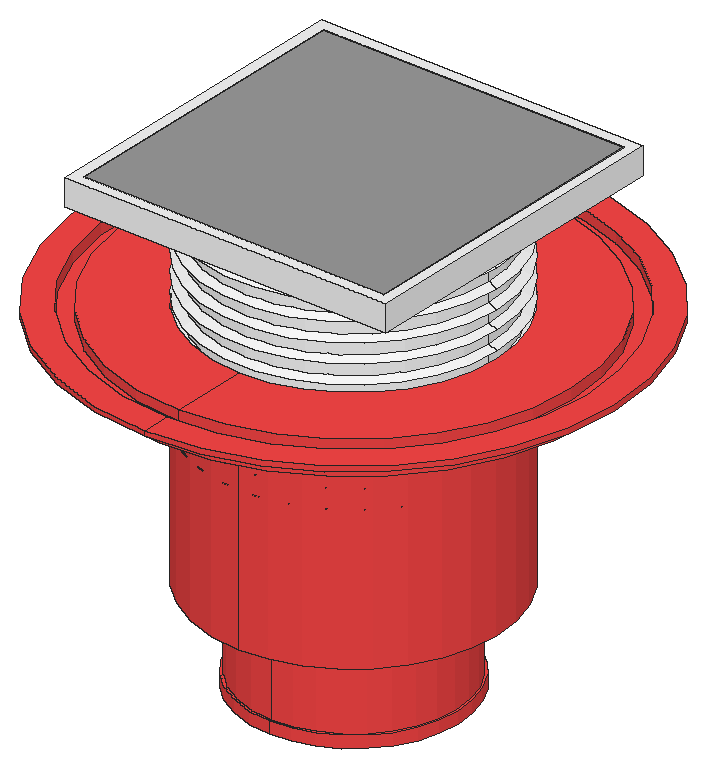
Revit family "HL Трап для внутренних помещенийHL310N-SML_50", category Сантехнические приборы, Revit 2025
Family settings
  Размер круглого соединителя = Использовать диаметр
  Тип детали = Нормальный
  Номер OmniClass = 23.70.50.21.24.14
  Заголовок OmniClass = Deck Waste Water Drains
  На основе рабочей плоскости = Нет
  Отображать на видах в сечении = Нет
  Всегда вертикально = Да
  При загрузке вырезать с полостями = Нет
  Сохранять ориентацию аннотаций = Нет
  Общий = Да
  Точка принадлежности помещению = Да
Parameters (values of type "HL310KSML_50")
  РЕШЁТКА = "115 x 115 mm / V2A"
  РАЗМЕР = "DN50/75/110"
  ПРОПУСКНАЯ СПОСОБНОСТЬ = 0.67 L/s
  ПРОИЗВОДИТЕЛЬНОСТЬ = "0,67 l/s"
  ПРАВОВАЯ ИНФОРМАЦИЯ = "Авторские права(©), права на дизайн или какие либо другие права интелектуальной собственности являются исключительной собственностью компании HL Hutterer & Lechner. Изменению не подлежит. Файл семейства с данными о прозводителе изделия защищен паролем с водяным знаком."  # constant formula
  Нормы = "EN 1253-1"
  НОМИНАЛЬНЫЙ ДИАМЕТР [instance] = 50 mm
  НАСАДКА = "12-70 mm / 123 x 123 mm / PP"
  МАТЕРИАЛ = "PP, V2A"
  МАКСИМАЛЬНАЯ НАГРУЗКА КЛАССА = "K3 - 300 kg"
  ВЫСОТА МОНТАЖА = "163 mm"
  ВЕС = "0,72 [kg]"
  EAN = "9003076004638"
  Отметка по умолчанию = 0 mm
  Подключение к вентиляции = no
  Изготовитель = "HL Hutterer & Lechner GmbH"  # constant formula
  URL = "http://www.hutterer-lechner.com/ru/Products/catalog/floor-drains/attachments/HL310N.aspx"
  Подключение к сливной трубе = yes
  Подключение к горячей воде = no
  Описание = "Трап для внутренних помещений"
  Model = "HL310KSML_50"
  Комментарии к типоразмеру = "Корпус трапа для внутренних помещений DN50/75/110 вертикальный"
  Keynote = "HL310KSML_50"
  Высота монтажа [instance] = 136 mm
  DN_Test [instance] = if(or(НОМИНАЛЬНЫЙ ДИАМЕТР = 50 mm, НОМИНАЛЬНЫЙ ДИАМЕТР = 75 mm, НОМИНАЛЬНЫЙ ДИАМЕТР = 110 mm), 30 mm, 0 mm)  # 30 mm
  Подключение к холодной воде = no
  B [instance] = if(НОМИНАЛЬНЫЙ ДИАМЕТР = 110 mm, Высота монтажа - 41 mm, if(НОМИНАЛЬНЫЙ ДИАМЕТР = 75 mm, Высота монтажа - 5.5 mm, Высота монтажа))  # 136 mm
  A [instance] = if(B - 100 mm > 15 mm, B - 100 mm, 15 mm)  # 36 mm
Reference planes
  plane 1 "Center (Front/Back)": y = 0
  plane 2: z = 0
  plane 3 "Center (Left/Right)": x = 0
  plane 4 "Ball Joint Vertical": x = 25.45
  plane 5: z = -136
  plane 6: z = -136
Lines and regions (mm)
  model lines, style "InvisibleLines"
    curve 1: line (0, 0, 0) -> (0, 0, 975)
  reference lines
    curve 2: line (0, 0, -131.004) -> (0, 0, -136.004)
  model lines, detail levels coarse+medium
    curve 3: line (0, 0, -136) -> (0, 0, -100)
    curve 4: line (0, 0, -100) -> (100, 0, 0)
    curve 5: line (0, 0, -100) -> (-100, 0, 0)
    curve 23: line (-707.107, 0, 607.107) -> (-607.107, 0, 707.107)
  symbolic lines, style "InvisibleLines", not visible
    curve 6: line (0, 0, 0) -> (0, 0, -30)
  symbolic lines, detail levels coarse+medium
    curve 7: line (-75, 75, 0) -> (75, 75, 0)
    curve 8: line (-75, -75, 0) -> (-75, 75, 0)
    curve 9: line (75, -75, 0) -> (-75, -75, 0)
    curve 10: line (75, 75, 0) -> (75, -75, 0)
    curve 11: line (75, 75, 0) -> (145.711, 145.711, 0)
    curve 12: line (-75, 75, 0) -> (-145.711, 145.711, 0)
    curve 13: line (75, -75, 0) -> (145.711, -145.711, 0)
    curve 14: line (-75, -75, 0) -> (-145.711, -145.711, 0)
  symbolic lines, not visible, detail levels coarse+medium
    curve 15: line (97.767, 268.748, 0) -> (247.767, 268.748, 0)
    curve 16: line (97.767, 118.748, 0) -> (97.767, 268.748, 0)
    curve 17: line (247.767, 118.748, 0) -> (97.767, 118.748, 0)
    curve 18: line (247.767, 268.748, 0) -> (247.767, 118.748, 0)
    curve 19: line (247.767, 268.748, 0) -> (318.478, 339.459, 0)
    curve 20: line (97.767, 268.748, 0) -> (27.057, 339.459, 0)
    curve 21: line (247.767, 118.748, 0) -> (318.478, 48.037, 0)
    curve 22: line (97.767, 118.748, 0) -> (27.057, 48.037, 0)
Text (mm)
  text "FLOOR" at (-218.559, 0, -14.206), in view "вид строительства"
Dimensions and locks
  locked: plane 4 "Ball Joint Vertical" to plane 3 "Center (Left/Right)" at 25.45
  "Высота монтажа": plane 2 to plane 5
  "A": curve 5 to plane 6
  "B": curve 5 to plane 6
  "B": curve 4 to plane 6
  "B": plane 2 to plane 6
  "DN_Test": plane 2 to curve 6
  plane 2 to nested 1 = 92.969 mm
  locked: curve 4 to plane 3 "Center (Left/Right)" (angle 45.00°)
  locked: plane 3 "Center (Left/Right)" to curve 5 (angle 45.00°)
  aligned and locked: level to plane 2
  aligned and locked: plane 2 to curve 1
  aligned and locked: plane 3 "Center (Left/Right)" to curve 1
  aligned and locked: plane 3 "Center (Left/Right)" to curve 2
  aligned and locked: plane 3 "Center (Left/Right)" to curve 3
  aligned and locked: plane 3 "Center (Left/Right)" to curve 5
  aligned and locked: plane 6 to curve 3
Automatic sketch dimensions
  curve 2 to plane 6 = 0.004 mm
  plane 6 to curve 2 = 4.996 mm
  curve 23 to plane 3 "Center (Left/Right)" = 707.107 mm
  level to curve 23 = 707.107 mm
  curve 23 to curve 4 = 707.107 mm
  curve 3 to curve 23 = 707.107 mm
  level to curve 1 = 975 mm
Nested families
  nested 1: "HL-Корпус для трапа внутренних помещений-HL310KSML-50" at (0, 0, 0), type "HL310KSML-50"
  nested 2: "HL_RU_Насадка_HL37N.1" at (0, 0, 48.262), type "HL37N.1"
    with Высота монтажа 70 mm
  nested 3: "HL_Вкладыш сифона_HL0510.7E" at (0, 0, 42.262), type "HL0510.7E"
  nested 4: "HL_Решётка_HL037Pr.1E" at (0, 0, 48.262), type "HL037Pr.1E"
  nested 5: "HL_Насадка_HL037N.2E" at (0, 0, 48.262), type "HL037N.2E"
    with Высота монтажа 70 mm, RN 11, RL 71.5 mm, R yes, NL_Test yes, NL 90 mm
Connectors
  piping at (0, 0, -136.004), diameter 50, driven by "ПРОПУСКНАЯ СПОСОБНОСТЬ", driven by "НОМИНАЛЬНЫЙ ДИАМЕТР"
    settings: on curve 2, index 1, connector inside diameter 609.6 mm, connector length 0 mm, flow factor 0, pipe flow 0.67 L/s, pressure drop 0.0 Pa, fitting loss kfactor 0, connector angle 0.00°, fixture units 0, engagement length 0 mm, angle of deflection 0.00°, flow configuration 1, flow direction 2, fitting loss method 0, system type 16, joint type 0, gender type 0, connector reference index -1, connector utility 0, adjustable connector no, is connector primary yes, connector description ""
Definition of nested family "HL-Корпус для трапа внутренних помещений-HL310KSML-50"
  Parameters (values of type "HL310KSML-50")
    РАЗМЕР = "d50"
    ПРОИЗВОДИТЕЛЬНОСТЬ = ">0,5 l/s"
    ПРАВОВАЯ ИНФОРМАЦИЯ = "Авторские права(©), права на дизайн или какие либо другие права интелектуальной собственности являются исключительной собственностью компании HL Hutterer & Lechner. Изменению не подлежит. Файл семейства с данными о прозводителе изделия защищен паролем с водяным знаком."  # constant formula
    Нормы = "EN 1253"
    МАТЕРИАЛ = "PP"
    ВЫСОТА МОНТАЖА = "132 mm"
    ВЕС = "0,33 [kg]"
    Waste Connection = yes
    Default Elevation = 0 mm
    Vent Connection = no
    Manufacturer = "HL Hutterer & Lechner GmbH"  # constant formula
    URL = "https://www.hutterer-lechner.com/ru/Products/catalog/Floor-drains/vertical/flange/HL310KSML/50.aspx"
    Assembly Code = ""
    HW Connection = no
    Description = "Трап для внутренних помещений"
    Model = "HL310KSML-50"
    Type Comments = "Корпус трапа для внутренних помещений DN50/75/110 вертикальный"
    Keynote = "HL310KSML-50"
    EAN = "9003076052219"
    CW Connection = no
  Reference planes
    plane 1 "Center (Front/Back)": y = 0
    plane 2: z = 0
    plane 3 "Center (Left/Right)": x = 0
    plane 4 "Ball Joint Vertical": x = 25.45
  Forms (mm)
    Revolve 1, solid, detail levels fine
      sketch origin (0, 0, 0) x (0, 1, 0) y (0, 0, 1)
        loop
          line (54.997, 0) -> (54.997, -20) -> (52.897, -20) -> (52.897, -92.969) -> (20.821, -92.969) -> (20.821, -135.983) -> (22.621, -135.983) -> (22.621, -94.969) -> (27.121, -94.969) -> (27.121, -126.376) -> (35.181, -130.483) -> (40.181, -130.483) -> (40.181, -125.983) -> (39.197, -125.983) -> (39.197, -94.969) -> (54.997, -94.969) -> (54.997, -23.507) -> (58.197, -23.507) -> (58.197, -7.5) -> (77.9, -7.5) -> (92.9, -7.5) -> (92.9, -2) -> (100, -2) -> (100, 0) -> (89.685, 0) -> (89.685, -4) -> (83.685, -4) -> (83.685, 0) -> (54.997, 0)
        axis (0, 0) -> (0, -135.983)
      angle from 0 to 360
  Text (mm)
    text "ROOF/FLOOR" at (-198.233, 0, -26.556), in view "вид строительства"
  Dimensions and locks
    locked: plane 4 "Ball Joint Vertical" to plane 3 "Center (Left/Right)" at 25.45
    aligned and locked: level to plane 2
    aligned and locked: Revolve 1 sketch curve to plane 1 "Center (Front/Back)"
Definition of nested family "HL_Вкладыш сифона_HL0510.7E"
  Parameters
    ПРАВОВАЯ ИНФОРМАЦИЯ = "Авторские права(©), права на дизайн или какие либо другие права интелектуальной собственности являются исключительной собственностью компании HL Hutterer & Lechner. Изменению не подлежит. Файл семейства с данными о прозводителе изделия защищен паролем с водяным знаком."  # constant formula
    МАТЕРИАЛ = "PP"
    ВЕС = "0,08 [kg]"
    Waste Connection = yes
    Default Elevation = 0 mm
    Vent Connection = no
    Manufacturer = "HL Hutterer & Lechner GmbH"  # constant formula
    URL = "http://www.hutterer-lechner.com/ru/products/catalog/floor-drains/attachments/HL0510.7e.aspx"
    HW Connection = no
    Description = "Трапы для внутренних помещений - Комплектующие"
    Model = "HL0510.7E"
    Type Comments = "HL0510.7E Вкладыш запахозапирающий комплектный"
    Keynote = "HL0510.7E"
    EAN = "9003076051076"
    CW Connection = no
  Reference planes
    plane 1 "Center (Front/Back)": y = 0
    plane 2: z = 0
    plane 3 "Center (Left/Right)": x = 0
    plane 4 "Ball Joint Vertical": x = 25.45
  Forms (mm)
    Revolve 1, solid, detail levels fine
      sketch origin (0, 0, 0) x (0, 1, 0) y (0, 0, 1)
        loop
          line (20, -68.2) -> (20, -11) -> (18.2, -11) -> (18.2, -70) -> (45, -70) -> (45, -36) -> (48.834, -36) -> (48.834, -14) -> (49.7, -14) -> (49.7, -2) -> (53, -2) -> (53, 0) -> (45, 0) -> (45, -29.222) -> (43.93, -33.62) -> (43.13, -33.62) -> (43.13, -68.2) -> (20, -68.2)
        loop
          line (36.103, -61) -> (36.103, 0) -> (0, 0) -> (0, -1.8) -> (34.307, -1.8) -> (34.307, -61) -> (36.103, -61)
        axis (0, 0) -> (0, -70)
      angle from 0 to 360
    Extrusion 2, solid, detail levels fine
      sketch origin (0, 0, 0) x (1, 0, 0) y (0, 1, 0)
        loop
          line (-24.1, 5.7) -> (-24.1, -5.7) -> (-4, -5.7) -> (-4, -23) -> (4, -23) -> (4, -5.7) -> (24.1, -5.7) -> (24.1, 5.7) -> (4, 5.7) -> (4, 23) -> (-4, 23) -> (-4, 5.7) -> (-24.1, 5.7)
      from -82.5 to -81
    Extrusion 3, solid, detail levels fine
      sketch origin (0, 0, 0) x (1, 0, 0) y (0, 1, 0)
        loop
          line (-24.1, 5.7) -> (-24.1, -5.7) -> (-18.9, -5.7) -> (-18.9, 5.7) -> (-24.1, 5.7)
        loop
          line (18.9, 5.7) -> (18.9, -5.7) -> (24.1, -5.7) -> (24.1, 5.7) -> (18.9, 5.7)
      from -81 to -70
    Revolve 4, solid, detail levels fine
      sketch origin (0, 0, 0) x (0, 1, 0) y (0, 0, 1)
        loop
          arc (49.7, -10.914) -> (51.118, -9) -> (49.7, -7.086) r 2
          line (49.7, -7.086) -> (49.7, -10.914)
        axis (0, -7.086) -> (0, -10.914)
      angle from 0 to 360
  Cuts and joins
    joined: Revolve 1, Extrusion 2, Extrusion 3
  Text (mm)
    text "ROOF/FLOOR" at (-198.233, 0, -26.556), in view "Drain Construction View"
  Dimensions and locks
    locked: plane 4 "Ball Joint Vertical" to plane 3 "Center (Left/Right)" at 25.45
    aligned and locked: level to plane 2
Definition of nested family "HL_Решётка_HL037Pr.1E"
  Parameters (values of type "HL037Pr.1E")
    РАЗМЕР = "115x115mm"
    ПРАВОВАЯ ИНФОРМАЦИЯ = "Авторские права(©), права на дизайн или какие либо другие права интелектуальной собственности являются исключительной собственностью компании HL Hutterer & Lechner. Изменению не подлежит. Файл семейства с данными о прозводителе изделия защищен паролем с водяным знаком."  # constant formula
    МАТЕРИАЛ = "V2A"
    МАКСИМАЛЬНАЯ НАГРУЗКА КЛАССА = "K3 - 300 kg"
    ВЕС = "0,15 [kg]"
    Waste Connection = yes
    Default Elevation = 0 mm
    Vent Connection = no
    Manufacturer = "HL Hutterer & Lechner GmbH"  # constant formula
    URL = "http://www.hutterer-lechner.com/ru/products/catalog/floor-drains/attachments/HL037pr.1e.aspx"
    HW Connection = no
    Description = "Трапы для внутренних помещений - Комплектующие"
    Model = "HL037Pr.1E"
    Type Comments = "HL037Pr.1E Решётка из нержавеющей стали 115х115 мм"
    Keynote = "HL037Pr.1E"
    EAN = "9003076028474"
    CW Connection = no
  Reference planes
    plane 1 "Center (Front/Back)": y = 0
    plane 2: z = 0
    plane 3 "Center (Left/Right)": x = 0
    plane 4 "Ball Joint Vertical": x = 25.45
  Forms (mm)
    Extrusion 1, solid, detail levels fine
      sketch origin (0, 0, 0) x (1, 0, 0) y (0, 1, 0)
        loop
          line (57.5, 57.5) -> (-57.5, 57.5) -> (-57.5, -57.5) -> (57.5, -57.5) -> (57.5, 57.5)
      from 0 to -5
  Lines and regions (mm)
    model lines, detail levels fine
      curve 1: spline (-13.927, 0, 0) -> (-13.452, 1.165, 0) -> (-12.061, 2.25, 0) -> (-9.848, 3.182, 0) -> (-6.964, 3.897, 0) -> (-3.605, 4.347, 0) -> (0, 4.5, 0) -> (3.605, 4.347, 0) -> (6.964, 3.897, 0) -> (9.848, 3.182, 0) -> (12.061, 2.25, 0) -> (13.452, 1.165, 0) -> (13.927, 0, 0) -> (13.452, -1.165, 0) -> (12.061, -2.25, 0) -> (9.848, -3.182, 0) -> (6.964, -3.897, 0) -> (3.605, -4.347, 0) -> (0, -4.5, 0) -> (-3.605, -4.347, 0) -> (-6.964, -3.897, 0) -> (-9.848, -3.182, 0) -> (-12.061, -2.25, 0) -> (-13.452, -1.165, 0) -> (-13.927, 0, 0)
      curve 2: line (-5.9, 0.4, 0) -> (-11.9, 0.4, 0)
      curve 3: line (-3.65, -2, 0) -> (-3.65, 2, 0)
      curve 4: arc (-3.65, 2, 0) -> (-3.15, 2.5, 0) -> (-2.65, 2, 0) r 0.5
      curve 5: line (-2.65, 2, 0) -> (-2.65, 0.5, 0)
      curve 6: line (-2.65, 0.5, 0) -> (-0.65, 0.5, 0)
      curve 7: line (-0.65, 0.5, 0) -> (-0.65, 2, 0)
      curve 8: arc (-0.65, 2, 0) -> (-0.15, 2.5, 0) -> (0.35, 2, 0) r 0.5
      curve 9: line (0.35, 2, 0) -> (0.35, -2, 0)
      curve 10: arc (0.35, -2, 0) -> (-0.15, -2.5, 0) -> (-0.65, -2, 0) r 0.5
      curve 11: line (-0.65, -2, 0) -> (-0.65, -0.5, 0)
      curve 12: line (-0.65, -0.5, 0) -> (-2.65, -0.5, 0)
      curve 13: line (-2.65, -0.5, 0) -> (-2.65, -2, 0)
      curve 14: arc (-2.65, -2, 0) -> (-3.15, -2.5, 0) -> (-3.65, -2, 0) r 0.5
      curve 15: line (1.85, -2, 0) -> (1.85, 2, 0)
      curve 16: arc (1.85, 2, 0) -> (1.996, 2.354, 0) -> (2.35, 2.5, 0) r 0.5
      curve 17: arc (2.35, 2.5, 0) -> (2.704, 2.354, 0) -> (2.85, 2, 0) r 0.5
      curve 18: line (2.85, 2, 0) -> (2.85, -1, 0)
      curve 19: arc (2.85, -1, 0) -> (2.996, -1.354, 0) -> (3.35, -1.5, 0) r 0.5
      curve 20: line (3.35, -1.5, 0) -> (4.35, -1.5, 0)
      curve 21: arc (4.35, -1.5, 0) -> (4.85, -2, 0) -> (4.35, -2.5, 0) r 0.5
      curve 22: line (4.35, -2.5, 0) -> (2.35, -2.5, 0)
      curve 23: arc (2.35, -2.5, 0) -> (1.996, -2.354, 0) -> (1.85, -2, 0) r 0.5
      curve 24: line (12.1, 0.4, 0) -> (6.1, 0.4, 0)
      curve 25: line (-5.9, -0.4, 0) -> (-11.9, -0.4, 0)
      curve 26: line (12.1, -0.4, 0) -> (6.1, -0.4, 0)
      curve 27: line (-5.9, 0.4, 0) -> (-5.9, -0.4, 0)
      curve 28: line (-11.9, 0.4, 0) -> (-11.9, -0.4, 0)
      curve 29: line (6.1, 0.4, 0) -> (6.1, -0.4, 0)
      curve 30: line (12.1, 0.4, 0) -> (12.1, -0.4, 0)
      curve 31: arc (38.029, -24.059, 0) -> (45, 0, 0) -> (38.029, 24.059, 0) r 45
      curve 32: arc (38.029, 24.059, 0) -> (35.09, 25.896, 0) -> (31.82, 24.749, 0) r 4
      curve 33: arc (31.82, 24.749, 0) -> (30.673, 22.362, 0) -> (31.268, 19.782, 0) r 4
      curve 34: arc (31.268, 19.782, 0) -> (37, 0, 0) -> (31.268, -19.782, 0) r 37
      curve 35: arc (31.268, -19.782, 0) -> (30.673, -22.362, 0) -> (31.82, -24.749, 0) r 4
      curve 36: arc (31.82, -24.749, 0) -> (35.09, -25.896, 0) -> (38.029, -24.059, 0) r 4
      curve 37: arc (24.059, 38.029, 0) -> (0, 45, 0) -> (-24.059, 38.029, 0) r 45
      curve 38: arc (-24.059, 38.029, 0) -> (-25.896, 35.09, 0) -> (-24.749, 31.82, 0) r 4
      curve 39: arc (-24.749, 31.82, 0) -> (-22.362, 30.673, 0) -> (-19.782, 31.268, 0) r 4
      curve 40: arc (-19.782, 31.268, 0) -> (0, 37, 0) -> (19.782, 31.268, 0) r 37
      curve 41: arc (19.782, 31.268, 0) -> (22.362, 30.673, 0) -> (24.749, 31.82, 0) r 4
      curve 42: arc (24.749, 31.82, 0) -> (25.896, 35.09, 0) -> (24.059, 38.029, 0) r 4
      curve 43: arc (24.059, -38.029, 0) -> (0, -45, 0) -> (-24.059, -38.029, 0) r 45
      curve 44: arc (-24.059, -38.029, 0) -> (-25.896, -35.09, 0) -> (-24.749, -31.82, 0) r 4
      curve 45: arc (-24.749, -31.82, 0) -> (-22.362, -30.673, 0) -> (-19.782, -31.268, 0) r 4
      curve 46: arc (-19.782, -31.268, 0) -> (0, -37, 0) -> (19.782, -31.268, 0) r 37
      curve 47: arc (19.782, -31.268, 0) -> (22.362, -30.673, 0) -> (24.749, -31.82, 0) r 4
      curve 48: arc (24.749, -31.82, 0) -> (25.896, -35.09, 0) -> (24.059, -38.029, 0) r 4
      curve 49: arc (-38.029, -24.059, 0) -> (-45, 0, 0) -> (-38.029, 24.059, 0) r 45
      curve 50: arc (-38.029, 24.059, 0) -> (-35.09, 25.896, 0) -> (-31.82, 24.749, 0) r 4
      curve 51: arc (-31.82, 24.749, 0) -> (-30.673, 22.362, 0) -> (-31.268, 19.782, 0) r 4
      curve 52: arc (-31.268, 19.782, 0) -> (-37, 0, 0) -> (-31.268, -19.782, 0) r 37
      curve 53: arc (-31.268, -19.782, 0) -> (-30.673, -22.362, 0) -> (-31.82, -24.749, 0) r 4
      curve 54: arc (-31.82, -24.749, 0) -> (-35.09, -25.896, 0) -> (-38.029, -24.059, 0) r 4
    model lines
      curve 55: line (0, 0, 0) -> (0, 0, 100)
  Text (mm)
    text "ROOF/FLOOR" at (-198.233, 0, -26.556), in view "Drain Construction View"
  Dimensions and locks
    locked: plane 4 "Ball Joint Vertical" to plane 3 "Center (Left/Right)" at 25.45
    aligned and locked: level to plane 2
Definition of nested family "HL_Насадка_HL037N.2E"
  Parameters
    РАЗМЕР = "d 110 mm"
    ПРАВОВАЯ ИНФОРМАЦИЯ = "Авторские права(©), права на дизайн или какие либо другие права интелектуальной собственности являются исключительной собственностью компании HL Hutterer & Lechner. Изменению не подлежит. Файл семейства с данными о прозводителе изделия защищен паролем с водяным знаком."  # constant formula
    НАСАДКА = "123x123mm"
    МАТЕРИАЛ = "PP"
    Высота монтажа [instance] = 70 mm
    ВЫСОТА МОНТАЖА = "12-70mm"
    ВЕС = "0,08 [kg]"
    Waste Connection = yes
    Default Elevation = 0 mm
    Vent Connection = no
    RD = 6.5 mm  # constant formula
    R [instance] = ((Высота монтажа - NL_Min) / RD - 1) > 2  # yes
    RL [instance] = if(Высота монтажа < 18 mm, 1 mm, RD * RN)  # 71.5 mm
    NL_Test [instance] = and(or(Высота монтажа < NL_Max, Высота монтажа = NL_Max), or(Высота монтажа > NL_Min, Высота монтажа = NL_Min))  # yes
    NL_Min = 12 mm
    NL_Max = 70 mm
    NL [instance] = if(NL_Test, Высота монтажа + 20 mm, 0 mm)  # 90 mm
    RN [instance] = if((Высота монтажа + 20 mm - NL_Min) / RD - 1 < 2, 2, (Высота монтажа + 20 mm - NL_Min) / RD - 1)  # 11
    Manufacturer = "HL Hutterer & Lechner GmbH"  # constant formula
    URL = "http://www.hutterer-lechner.com/ru/products/catalog/floor-drains/attachments/HL037pr.11e.aspx"
    HW Connection = no
    Description = "Трапы для внутренних помещений - Комплектующие"
    Model = "HL037N.2E"
    Type Comments = "HL037N.2E Насадные подрамники d 110мм/90мм/123х123мм с О-кольцом"
    Keynote = "HL037N.2E"
    EAN = "9003076015290"
    CW Connection = no
  Reference planes
    plane 1 "Center (Front/Back)": y = 0
    plane 2: z = 0
    plane 3 "Center (Left/Right)": x = 0
    plane 4 "Ball Joint Vertical": x = 25.45
    plane 5: z = -90
  Forms (mm)
    Extrusion 1, solid, detail levels fine
      sketch origin (0, 0, 0) x (1, 0, 0) y (0, 1, 0)
        loop
          line (-61.5, 61.5) -> (-61.5, -61.5) -> (61.5, -61.5) -> (61.5, 61.5) -> (-61.5, 61.5)
      from -10 to 0
    Extrusion 2, solid, detail levels fine
      sketch origin (0, 0, 0) x (1, 0, 0) y (0, 1, 0)
        loop
          circle (0, 0) r 51.744
      from -90 to -10
    Extrusion 3, void
      sketch origin (0, 0, 0) x (1, 0, 0) y (0, 1, 0)
        loop
          line (-57.5, 57.5) -> (-57.5, -57.5) -> (57.5, -57.5) -> (57.5, 57.5) -> (-57.5, 57.5)
      from 0 to -8
  Cuts and joins
    Extrusion 3 cuts Extrusion 1
  Lines and regions (mm)
    symbolic lines
      curve 1: line (0, 0, -90) -> (0, 0, 0)
    model lines
      curve 2: line (0, 0, 0) -> (0, 0, 100)
  Text (mm)
    text "ROOF/FLOOR" at (-198.233, 0, -26.556), in view "Drain Construction View"
  Dimensions and locks
    locked: plane 4 "Ball Joint Vertical" to plane 3 "Center (Left/Right)" at 25.45
    "NL": plane 2 to plane 5
    equal spacing: group 1, group 3, group 4, group 5, group 6, group 7, group 8, group 9, group 10, group 11, group 2  (x3)
    "RL": nested 2 to nested 1
    locked: nested 1 to plane 5 at 1.516
    aligned and locked: level to plane 2
    aligned and locked: plane 3 "Center (Left/Right)" to nested 1
    aligned and locked: plane 1 "Center (Front/Back)" to nested 1
    aligned and locked: plane 2 to curve 1
    aligned and locked: plane 5 to curve 1
    aligned and locked: Extrusion 2 to plane 5
  Automatic sketch dimensions
    Extrusion 1 sketch curve to plane 3 "Center (Left/Right)" = 61.5 mm
    plane 4 "Ball Joint Vertical" to Extrusion 1 sketch curve = 36.05 mm
    plane 1 "Center (Front/Back)" to Extrusion 1 sketch curve = 61.5 mm
    Extrusion 1 sketch curve to plane 1 "Center (Front/Back)" = 61.5 mm
    plane 1 "Center (Front/Back)" to Extrusion 2 sketch curve = 0 mm
    Extrusion 2 sketch curve to plane 3 "Center (Left/Right)" = 0 mm
    Extrusion 3 sketch curve to plane 3 "Center (Left/Right)" = 57.5 mm
    plane 4 "Ball Joint Vertical" to Extrusion 3 sketch curve = 32.05 mm
    plane 1 "Center (Front/Back)" to Extrusion 3 sketch curve = 57.5 mm
    Extrusion 3 sketch curve to plane 1 "Center (Front/Back)" = 57.5 mm
    curve 2 to plane 3 "Center (Left/Right)" = 0 mm
    level to curve 2 = 100 mm
    radius of Extrusion 2 sketch curve = 51.744 mm
  Nested families
    nested 1: "Ring" at (0, 0, -88.484), visible <- "R", type "Ring"
    nested 2: "Ring" at (0, 0, -16.984), visible <- "R", type "Ring"
    nested 3: "Ring" at (0, 0, -81.334), visible <- "R", type "Ring"
    nested 4: "Ring" at (0, 0, -74.184), visible <- "R", type "Ring"
    nested 5: "Ring" at (0, 0, -67.034), visible <- "R", type "Ring"
    nested 6: "Ring" at (0, 0, -59.884), visible <- "R", type "Ring"
    nested 7: "Ring" at (0, 0, -52.734), visible <- "R", type "Ring"
    nested 8: "Ring" at (0, 0, -45.584), visible <- "R", type "Ring"
    nested 9: "Ring" at (0, 0, -38.434), visible <- "R", type "Ring"
    nested 10: "Ring" at (0, 0, -31.284), visible <- "R", type "Ring"
    nested 11: "Ring" at (0, 0, -24.134), visible <- "R", type "Ring"
  Definition of nested family "Ring"
    Parameters (values of type "Ring")
      Manufacturer = ""
      Default Elevation = 0 mm
      URL = ""
      R = D / 2  # 51.5 mm
      Description = ""
      Model = ""
      Material = none
      Type Comments = ""
      D = 103 mm
      Cost = 0
    Reference planes
      plane 1 "Střed (vpředu/vzadu)": y = 0
      plane 2: z = 0
      plane 3 "Střed (vlevo/vpravo)": x = 0
    Forms (mm)
      Revolve 1, solid, material <- "Material", detail levels fine
        sketch origin (0, 0, 0) x (1, 0, 0) y (0, 0, 1)
          loop
            line (-51.5, 1.482) -> (-54.764, 0) -> (-51.5, -1.516) -> (-51.5, 1.482)
          axis (0, 1.482) -> (0, -1.516)
        angle from 0 to 360
    Dimensions and locks
      "R": Revolve 1 sketch curve to plane 3 "Střed (vlevo/vpravo)"
      aligned and locked: level to plane 2
      aligned and locked: Revolve 1 sketch curve to plane 3 "Střed (vlevo/vpravo)"
    Automatic sketch dimensions
      Revolve 1 sketch curve to level = 0 mm
      Revolve 1 sketch curve to Revolve 1 sketch curve = 3.264 mm
      Revolve 1 sketch curve to level = 1.516 mm
      level to Revolve 1 sketch curve = 1.482 mm
      Revolve 1 sketch curve to level = 381 mm
      Revolve 1 sketch curve to Revolve 1 sketch curve = 2212.833 mm
Definition of nested family "HL_RU_Насадка_HL37N.1"
  Parameters
    ПРАВОВАЯ ИНФОРМАЦИЯ = "Авторские права(©), права на дизайн или какие либо другие права интелектуальной собственности являются исключительной собственностью компании HL Hutterer & Lechner. Изменению не подлежит. Файл семейства с данными о прозводителе изделия защищен паролем с водяным знаком."  # constant formula
    МАТЕРИАЛ = "PP"
    ВЕС = "0,08 [kg]"
    Waste Connection = yes
    Default Elevation = 0 mm
    Vent Connection = no
    Manufacturer = "HL Hutterer & Lechner GmbH"  # constant formula
    URL = "http://www.hutterer-lechner.com/ru/products/catalog/floor-drains/attachments/HL0510.7e.aspx"
    HW Connection = no
    Description = "Трапы для внутренних помещений - Комплектующие"
    Model = "HL0510.7E"
    Type Comments = "HL0510.7E Вкладыш запахозапирающий комплектный"
    Keynote = "HL0510.7E"
    EAN = "9003076051076"
    CW Connection = no
